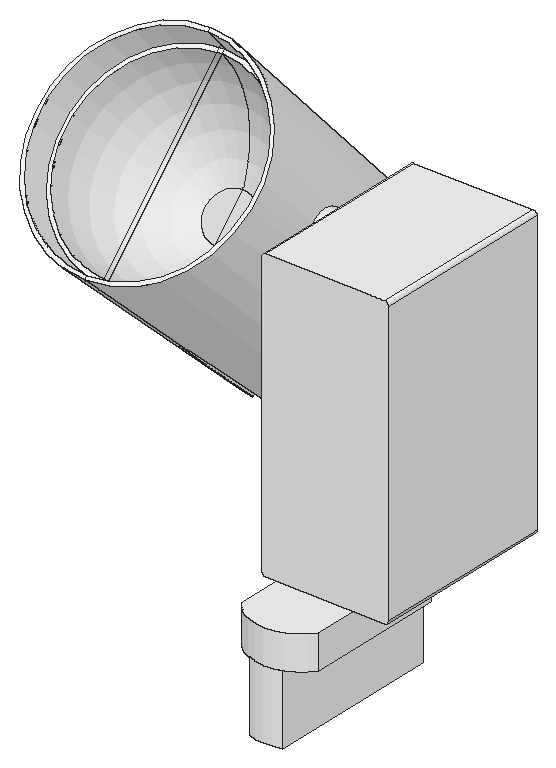
Revit family "0004923 Feilo Sylvania Lighting Fixture START TRACK SPOT S DALI 1262LM 930 MB WHT", category Lighting Fixtures, host Face, Revit 2017 (continued)
Definition of nested family "Start Track Spot Head"
  Types (96, lengths in mm): name | Wattage | built-in parameter 1150134 | Photometric Web File | Model | built-in parameter 1150105 | Lumens | built-in parameter 1150107 | built-in parameter 1150106 | HeadThickness_FEILO | HeadRibOffset_FEILO | HeadRibDepth_FEILO | HeadRibCutWidth_FEILO | HeadRibCutOffset_FEILO | HeadReflectorRadius_FEILO | HeadReflectorOffset_FEILO | HeadLEDRadius_FEILO | HeadHeight_FEILO | HeadDiffusorOffset_FEILO | HeadDiaOut_FEILO | HeadDiaIn_FEILO | HeadAxisFromTop_FEILO | Emit from Circle Diameter | built-in parameter 1150104 | Description | Apparent Load
    0004864 START TRACK SPOT S 24W 3K RA90 WB WHITE | 24 W | (empty or 0) | "0004864.ies" | "START TRACK SPOT S 24W 3K RA90 WB WHITE" | 152.79 (stored number, unit not read) | 1920 lm | 3000 (stored number, unit not read) | 1.5279 (stored number, unit not read) | 1.5 | 4.179 | 55.714 | 7.167 | 50.87 | 50.588 | 55.714 | 9.556 | 117 | 9.435 | 86 | 77.477 | 69.354 | 77.477 | 7.4322 (stored number, unit not read) | "Integrated LED spotlight, Textured White - RAL9016, compact and minimalist design, ideal for retail applications, die-cast aluminium body, passive cooling heatsink. Beam angle: 64°, color temperature: 3000K , total system power: 24W, total fixture output: 1928 lm, LOR: 100%, colour rendering: Ra: 90 typical, LED Chromaticity: 3 step MacAdam ellipse, lifetime: >50000 hours at L70B50, energy class: A++, A+, A, IR/UV free light source without heat radiation, operating voltage: 220-240V / 50-60Hz, drive current: 600mA, electronic driver, non-dimmable, power factor: 0.95, electrical protection: Class II, Global Track 3 Phase adapter suitable for Global trac 3-circuit tracks, ingress protection rating: IP20, suitable for internal environment only, horizontal rotation: 355°, vertical tilt: 90°, dimensions: Ø86x140x200, weight: 0.966kg." | 24 VA
    0004863 START TRACK SPOT S 24W 3K RA90 MB WHITE | 24 W | (empty or 0) | "0004863.ies" | "START TRACK SPOT S 24W 3K RA90 MB WHITE" | 154.7 (stored number, unit not read) | 1944 lm | 3000 (stored number, unit not read) | 1.547 (stored number, unit not read) | 1.5 | 4.179 | 55.714 | 7.167 | 50.87 | 50.588 | 55.714 | 9.556 | 117 | 9.435 | 86 | 77.477 | 69.354 | 77.477 | 7.5251 (stored number, unit not read) | "Integrated LED spotlight, Textured White - RAL9016, compact and minimalist design, ideal for retail applications, die-cast aluminium body, passive cooling heatsink. Beam angle: 36°, color temperature: 3000K , total system power: 24W, total fixture output: 1944 lm, LOR: 100%, colour rendering: Ra: 90 typical, LED Chromaticity: 3 step MacAdam ellipse, lifetime: >50000 hours at L70B50, energy class: A++, A+, A, IR/UV free light source without heat radiation, operating voltage: 220-240V / 50-60Hz, drive current: 600mA, electronic driver, non-dimmable, power factor: 0.95, electrical protection: Class II, Global Track 3 Phase adapter suitable for Global trac 3-circuit tracks, ingress protection rating: IP20, suitable for internal environment only, horizontal rotation: 355°, vertical tilt: 90°, dimensions: Ø86x140x200, weight: 0.966kg." | 24 VA
    0004862 START TRACK SPOT S 24W 3K RA90 NB WHITE | 24 W | (empty or 0) | "0004862.ies" | "START TRACK SPOT S 24W 3K RA90 NB WHITE" | 158.52 (stored number, unit not read) | 1992 lm | 3000 (stored number, unit not read) | 1.5852 (stored number, unit not read) | 1.5 | 4.179 | 55.714 | 7.167 | 50.87 | 50.588 | 55.714 | 9.556 | 117 | 9.435 | 86 | 77.477 | 69.354 | 77.477 | 7.711 (stored number, unit not read) | "Integrated LED spotlight, Textured White - RAL9016, compact and minimalist design, ideal for retail applications, die-cast aluminium body, passive cooling heatsink. Beam angle: 12°, color temperature: 3000K , total system power: 24W, total fixture output: 1987 lm, LOR: 100%, colour rendering: Ra: 90 typical, LED Chromaticity: 3 step MacAdam ellipse, lifetime: >50000 hours at L70B50, energy class: A++, A+, A, IR/UV free light source without heat radiation, operating voltage: 220-240V / 50-60Hz, drive current: 600mA, electronic driver, non-dimmable, power factor: 0.95, electrical protection: Class II, Global Track 3 Phase adapter suitable for Global trac 3-circuit tracks, ingress protection rating: IP20, suitable for internal environment only, horizontal rotation: 355°, vertical tilt: 90°, dimensions: Ø86x140x200, weight: 0.966kg." | 24 VA
    0004861 START TRACK SPOT S 14W 3K RA90 WB WHITE | 14 W | (empty or 0) | "0004861.ies" | "START TRACK SPOT S 14W 3K RA90 WB WHITE" | 100.27 (stored number, unit not read) | 1260 lm | 3000 (stored number, unit not read) | 1.0027 (stored number, unit not read) | 1.5 | 4.179 | 55.714 | 7.167 | 50.87 | 50.588 | 55.714 | 9.556 | 117 | 9.435 | 86 | 77.477 | 69.354 | 77.477 | 8.3613 (stored number, unit not read) | "Integrated LED spotlight, Textured White - RAL9016, compact and minimalist design, ideal for retail applications, die-cast aluminium body, passive cooling heatsink. Beam angle: 64°, color temperature: 3000K , total system power: 14W, total fixture output: 1262 lm, LOR: 100%, colour rendering: Ra: 90 typical, LED Chromaticity: 3 step MacAdam ellipse, lifetime: >50000 hours at L70B50, energy class: A++, A+, A, IR/UV free light source without heat radiation, operating voltage: 220-240V / 50-60Hz, drive current: 350mA, electronic driver, non-dimmable, power factor: 0.92, electrical protection: Class II, Global Track 3 Phase adapter suitable for Global trac 3-circuit tracks, ingress protection rating: IP20, suitable for internal environment only, horizontal rotation: 355°, vertical tilt: 90°, dimensions: Ø86x140x200, weight: 0.940kg." | 14 VA
    0004860 START TRACK SPOT S 14W 3K RA90 MB WHITE | 14 W | (empty or 0) | "0004860.ies" | "START TRACK SPOT S 14W 3K RA90 MB WHITE" | 100.27 (stored number, unit not read) | 1260 lm | 3000 (stored number, unit not read) | 1.0027 (stored number, unit not read) | 1.5 | 4.179 | 55.714 | 7.167 | 50.87 | 50.588 | 55.714 | 9.556 | 117 | 9.435 | 86 | 77.477 | 69.354 | 77.477 | 8.3613 (stored number, unit not read) | "Integrated LED spotlight, Textured White - RAL9016, compact and minimalist design, ideal for retail applications, die-cast aluminium body, passive cooling heatsink. Beam angle: 36°, color temperature: 3000K , total system power: 14W, total fixture output: 1262 lm, LOR: 100%, colour rendering: Ra: 90 typical, LED Chromaticity: 3 step MacAdam ellipse, lifetime: >50000 hours at L70B50, energy class: A++, A+, A, IR/UV free light source without heat radiation, operating voltage: 220-240V / 50-60Hz, drive current: 350mA, electronic driver, non-dimmable, power factor: 0.92, electrical protection: Class II, Global Track 3 Phase adapter suitable for Global trac 3-circuit tracks, ingress protection rating: IP20, suitable for internal environment only, horizontal rotation: 355°, vertical tilt: 90°, dimensions: Ø86x140x200, weight: 0.940kg." | 14 VA
    0004859 START TRACK SPOT S 14W 3K RA90 NB WHITE | 14 W | (empty or 0) | "0004859.ies" | "START TRACK SPOT S 14W 3K RA90 NB WHITE" | 102.5 (stored number, unit not read) | 1288 lm | 3000 (stored number, unit not read) | 1.025 (stored number, unit not read) | 1.5 | 4.179 | 55.714 | 7.167 | 50.87 | 50.588 | 55.714 | 9.556 | 117 | 9.435 | 86 | 77.477 | 69.354 | 77.477 | 8.5471 (stored number, unit not read) | "Integrated LED spotlight, Textured White - RAL9016, compact and minimalist design, ideal for retail applications, die-cast aluminium body, passive cooling heatsink. Beam angle: 12°, color temperature: 3000K , total system power: 14W, total fixture output: 1284 lm, LOR: 100%, colour rendering: Ra: 90 typical, LED Chromaticity: 3 step MacAdam ellipse, lifetime: >50000 hours at L70B50, energy class: A++, A+, A, IR/UV free light source without heat radiation, operating voltage: 220-240V / 50-60Hz, drive current: 350mA, electronic driver, non-dimmable, power factor: 0.92, electrical protection: Class II, Global Track 3 Phase adapter suitable for Global trac 3-circuit tracks, ingress protection rating: IP20, suitable for internal environment only, horizontal rotation: 355°, vertical tilt: 90°, dimensions: Ø86x140x200, weight: 0.940kg." | 14 VA
    0004858 START TRACK SPOT L 55W 4K RA80 WB BLACK | 55 W | 12 | "0004858.ies" | "START TRACK SPOT L 55W 4K RA80 WB BLACK" | 424.55 (stored number, unit not read) | 5335 lm | 4000 (stored number, unit not read) | 4.2455 (stored number, unit not read) | 2 | 4.429 | 59.048 | 9.417 | 53.913 | 66.471 | 59.048 | 12.556 | 124 | 10 | 113 | 101.802 | 73.503 | 101.802 | 9.0116 (stored number, unit not read) | "Integrated LED spotlight, Textured Black - RAL9005, compact and minimalist design, ideal for retail applications, die-cast aluminium body, passive cooling heatsink. Beam angle: 52°, color temperature: 4000K , total system power: 55W, total fixture output: 5320 lm, LOR: 100%, colour rendering: Ra: 80 typical, LED Chromaticity: 3 step MacAdam ellipse, lifetime: >50000 hours at L70B50, energy class: A++, A+, A, IR/UV free light source without heat radiation, operating voltage: 220-240V / 50-60Hz, drive current: 1400mA, electronic driver, non-dimmable, power factor: 0.96, electrical protection: Class II, Global Track 3 Phase adapter suitable for Global trac 3-circuit tracks, ingress protection rating: IP20, suitable for internal environment only, horizontal rotation: 355°, vertical tilt: 90°, dimensions: Ø113x164x240, weight: 1.398kg." | 55 VA
    0004857 START TRACK SPOT L 55W 4K RA80 MB BLACK | 55 W | 12 | "0004857.ies" | "START TRACK SPOT L 55W 4K RA80 MB BLACK" | 428.92 (stored number, unit not read) | 5390 lm | 4000 (stored number, unit not read) | 4.2892 (stored number, unit not read) | 2 | 4.429 | 59.048 | 9.417 | 53.913 | 66.471 | 59.048 | 12.556 | 124 | 10 | 113 | 101.802 | 73.503 | 101.802 | 9.1045 (stored number, unit not read) | "Integrated LED spotlight, Textured Black - RAL9005, compact and minimalist design, ideal for retail applications, die-cast aluminium body, passive cooling heatsink. Beam angle: 38°, color temperature: 4000K , total system power: 55W, total fixture output: 5378 lm, LOR: 100%, colour rendering: Ra: 80 typical, LED Chromaticity: 3 step MacAdam ellipse, lifetime: >50000 hours at L70B50, energy class: A++, A+, A, IR/UV free light source without heat radiation, operating voltage: 220-240V / 50-60Hz, drive current: 1400mA, electronic driver, non-dimmable, power factor: 0.96, electrical protection: Class II, Global Track 3 Phase adapter suitable for Global trac 3-circuit tracks, ingress protection rating: IP20, suitable for internal environment only, horizontal rotation: 355°, vertical tilt: 90°, dimensions: Ø113x164x240, weight: 1.398kg." | 55 VA
    0004856 START TRACK SPOT L 55W 4K RA80 NB BLACK | 55 W | 12 | "0004856.ies" | "START TRACK SPOT L 55W 4K RA80 NB BLACK" | 433.3 (stored number, unit not read) | 5445 lm | 4000 (stored number, unit not read) | 4.333 (stored number, unit not read) | 2 | 4.429 | 59.048 | 9.417 | 53.913 | 66.471 | 59.048 | 12.556 | 124 | 10 | 113 | 101.802 | 73.503 | 101.802 | 9.1974 (stored number, unit not read) | "Integrated LED spotlight, Textured Black - RAL9005, compact and minimalist design, ideal for retail applications, die-cast aluminium body, passive cooling heatsink. Beam angle: 15°, color temperature: 4000K , total system power: 55W, total fixture output: 5426 lm, LOR: 100%, colour rendering: Ra: 80 typical, LED Chromaticity: 3 step MacAdam ellipse, lifetime: >50000 hours at L70B50, energy class: A++, A+, A, IR/UV free light source without heat radiation, operating voltage: 220-240V / 50-60Hz, drive current: 1400mA, electronic driver, non-dimmable, power factor: 0.96, electrical protection: Class II, Global Track 3 Phase adapter suitable for Global trac 3-circuit tracks, ingress protection rating: IP20, suitable for internal environment only, horizontal rotation: 355°, vertical tilt: 90°, dimensions: Ø113x164x240, weight: 1.398kg." | 55 VA
    0004855 START TRACK SPOT L 35W 4K RA80 WB BLACK | 35 W | 12 | "0004855.ies" | "START TRACK SPOT L 35W 4K RA80 WB BLACK" | 320.3 (stored number, unit not read) | 4025 lm | 4000 (stored number, unit not read) | 3.203 (stored number, unit not read) | 2 | 4.429 | 59.048 | 9.417 | 53.913 | 66.471 | 59.048 | 12.556 | 124 | 10 | 113 | 101.802 | 73.503 | 101.802 | 10.684 (stored number, unit not read) | "Integrated LED spotlight, Textured Black - RAL9005, compact and minimalist design, ideal for retail applications, die-cast aluminium body, passive cooling heatsink. Beam angle: 52°, color temperature: 4000K , total system power: 35W, total fixture output: 4010 lm, LOR: 100%, colour rendering: Ra: 80 typical, LED Chromaticity: 3 step MacAdam ellipse, lifetime: >50000 hours at L70B50, energy class: A++, A+, A, IR/UV free light source without heat radiation, operating voltage: 220-240V / 50-60Hz, drive current: 900mA, electronic driver, non-dimmable, power factor: 0.93, electrical protection: Class II, Global Track 3 Phase adapter suitable for Global trac 3-circuit tracks, ingress protection rating: IP20, suitable for internal environment only, horizontal rotation: 355°, vertical tilt: 90°, dimensions: Ø113x164x240, weight: 1.368kg." | 35 VA
    0004854 START TRACK SPOT L 35W 4K RA80 MB BLACK | 35 W | 12 | "0004854.ies" | "START TRACK SPOT L 35W 4K RA80 MB BLACK" | 320.3 (stored number, unit not read) | 4025 lm | 4000 (stored number, unit not read) | 3.203 (stored number, unit not read) | 2 | 4.429 | 59.048 | 9.417 | 53.913 | 66.471 | 59.048 | 12.556 | 124 | 10 | 113 | 101.802 | 73.503 | 101.802 | 10.684 (stored number, unit not read) | "Integrated LED spotlight, Textured Black - RAL9005, compact and minimalist design, ideal for retail applications, die-cast aluminium body, passive cooling heatsink. Beam angle: 38°, color temperature: 4000K , total system power: 35W, total fixture output: 4017 lm, LOR: 100%, colour rendering: Ra: 80 typical, LED Chromaticity: 3 step MacAdam ellipse, lifetime: >50000 hours at L70B50, energy class: A++, A+, A, IR/UV free light source without heat radiation, operating voltage: 220-240V / 50-60Hz, drive current: 900mA, electronic driver, non-dimmable, power factor: 0.93, electrical protection: Class II, Global Track 3 Phase adapter suitable for Global trac 3-circuit tracks, ingress protection rating: IP20, suitable for internal environment only, horizontal rotation: 355°, vertical tilt: 90°, dimensions: Ø113x164x240, weight: 1.368kg." | 35 VA
    0004853 START TRACK SPOT L 35W 4K RA80 NB BLACK | 35 W | 12 | "0004853.ies" | "START TRACK SPOT L 35W 4K RA80 NB BLACK" | 331.44 (stored number, unit not read) | 4165 lm | 4000 (stored number, unit not read) | 3.3144 (stored number, unit not read) | 2 | 4.429 | 59.048 | 9.417 | 53.913 | 66.471 | 59.048 | 12.556 | 124 | 10 | 113 | 101.802 | 73.503 | 101.802 | 11.055 (stored number, unit not read) | "Integrated LED spotlight, Textured Black - RAL9005, compact and minimalist design, ideal for retail applications, die-cast aluminium body, passive cooling heatsink. Beam angle: 15°, color temperature: 4000K , total system power: 35W, total fixture output: 4174 lm, LOR: 100%, colour rendering: Ra: 80 typical, LED Chromaticity: 3 step MacAdam ellipse, lifetime: >50000 hours at L70B50, energy class: A++, A+, A, IR/UV free light source without heat radiation, operating voltage: 220-240V / 50-60Hz, drive current: 900mA, electronic driver, non-dimmable, power factor: 0.93, electrical protection: Class II, Global Track 3 Phase adapter suitable for Global trac 3-circuit tracks, ingress protection rating: IP20, suitable for internal environment only, horizontal rotation: 355°, vertical tilt: 90°, dimensions: Ø113x164x240, weight: 1.368kg." | 35 VA
    0004852 START TRACK SPOT S 24W 4K RA80 WB BLACK | 24 W | 12 | "0004852.ies" | "START TRACK SPOT S 24W 4K RA80 WB BLACK" | 196.72 (stored number, unit not read) | 2472 lm | 4000 (stored number, unit not read) | 1.9672 (stored number, unit not read) | 1.5 | 4.179 | 55.714 | 7.167 | 50.87 | 50.588 | 55.714 | 9.556 | 117 | 9.435 | 86 | 77.477 | 69.354 | 77.477 | 9.569 (stored number, unit not read) | "Integrated LED spotlight, Textured Black - RAL9005, compact and minimalist design, ideal for retail applications, die-cast aluminium body, passive cooling heatsink. Beam angle: 64°, color temperature: 4000K , total system power: 24W, total fixture output: 2476 lm, LOR: 100%, colour rendering: Ra: 80 typical, LED Chromaticity: 3 step MacAdam ellipse, lifetime: >50000 hours at L70B50, energy class: A++, A+, A, IR/UV free light source without heat radiation, operating voltage: 220-240V / 50-60Hz, drive current: 600mA, electronic driver, non-dimmable, power factor: 0.95, electrical protection: Class II, Global Track 3 Phase adapter suitable for Global trac 3-circuit tracks, ingress protection rating: IP20, suitable for internal environment only, horizontal rotation: 355°, vertical tilt: 90°, dimensions: Ø86x140x200, weight: 0.966kg." | 24 VA
    0004851 START TRACK SPOT S 24W 4K RA80 MB BLACK | 24 W | 12 | "0004851.ies" | "START TRACK SPOT S 24W 4K RA80 MB BLACK" | 198.63 (stored number, unit not read) | 2496 lm | 4000 (stored number, unit not read) | 1.9863 (stored number, unit not read) | 1.5 | 4.179 | 55.714 | 7.167 | 50.87 | 50.588 | 55.714 | 9.556 | 117 | 9.435 | 86 | 77.477 | 69.354 | 77.477 | 9.6619 (stored number, unit not read) | "Integrated LED spotlight, Textured Black - RAL9005, compact and minimalist design, ideal for retail applications, die-cast aluminium body, passive cooling heatsink. Beam angle: 36°, color temperature: 4000K , total system power: 24W, total fixture output: 2487 lm, LOR: 100%, colour rendering: Ra: 80 typical, LED Chromaticity: 3 step MacAdam ellipse, lifetime: >50000 hours at L70B50, energy class: A++, A+, A, IR/UV free light source without heat radiation, operating voltage: 220-240V / 50-60Hz, drive current: 600mA, electronic driver, non-dimmable, power factor: 0.95, electrical protection: Class II, Global Track 3 Phase adapter suitable for Global trac 3-circuit tracks, ingress protection rating: IP20, suitable for internal environment only, horizontal rotation: 355°, vertical tilt: 90°, dimensions: Ø86x140x200, weight: 0.966kg." | 24 VA
    0004850 START TRACK SPOT S 24W 4K RA80 NB BLACK | 24 W | 12 | "0004850.ies" | "START TRACK SPOT S 24W 4K RA80 NB BLACK" | 200.54 (stored number, unit not read) | 2520 lm | 4000 (stored number, unit not read) | 2.0054 (stored number, unit not read) | 1.5 | 4.179 | 55.714 | 7.167 | 50.87 | 50.588 | 55.714 | 9.556 | 117 | 9.435 | 86 | 77.477 | 69.354 | 77.477 | 9.7548 (stored number, unit not read) | "Integrated LED spotlight, Textured Black - RAL9005, compact and minimalist design, ideal for retail applications, die-cast aluminium body, passive cooling heatsink. Beam angle: 12°, color temperature: 4000K , total system power: 24W, total fixture output: 2529 lm, LOR: 100%, colour rendering: Ra: 80 typical, LED Chromaticity: 3 step MacAdam ellipse, lifetime: >50000 hours at L70B50, energy class: A++, A+, A, IR/UV free light source without heat radiation, operating voltage: 220-240V / 50-60Hz, drive current: 600mA, electronic driver, non-dimmable, power factor: 0.95, electrical protection: Class II, Global Track 3 Phase adapter suitable for Global trac 3-circuit tracks, ingress protection rating: IP20, suitable for internal environment only, horizontal rotation: 355°, vertical tilt: 90°, dimensions: Ø86x140x200, weight: 0.966kg." | 24 VA
    0004849 START TRACK SPOT S 14W 4K RA80 WB BLACK | 14 W | 12 | "0004849.ies" | "START TRACK SPOT S 14W 4K RA80 WB BLACK" | 123.66 (stored number, unit not read) | 1554 lm | 4000 (stored number, unit not read) | 1.2366 (stored number, unit not read) | 1.5 | 4.179 | 55.714 | 7.167 | 50.87 | 50.588 | 55.714 | 9.556 | 117 | 9.435 | 86 | 77.477 | 69.354 | 77.477 | 10.312 (stored number, unit not read) | "Integrated LED spotlight, Textured Black - RAL9005, compact and minimalist design, ideal for retail applications, die-cast aluminium body, passive cooling heatsink. Beam angle: 64°, color temperature: 4000K , total system power: 14W, total fixture output: 1558 lm, LOR: 100%, colour rendering: Ra: 80 typical, LED Chromaticity: 3 step MacAdam ellipse, lifetime: >50000 hours at L70B50, energy class: A++, A+, A, IR/UV free light source without heat radiation, operating voltage: 220-240V / 50-60Hz, drive current: 350mA, electronic driver, non-dimmable, power factor: 0.92, electrical protection: Class II, Global Track 3 Phase adapter suitable for Global trac 3-circuit tracks, ingress protection rating: IP20, suitable for internal environment only, horizontal rotation: 355°, vertical tilt: 90°, dimensions: Ø86x140x200, weight: 0.940kg." | 14 VA
    0004848 START TRACK SPOT S 14W 4K RA80 MB BLACK | 14 W | 12 | "0004848.ies" | "START TRACK SPOT S 14W 4K RA80 MB BLACK" | 127.01 (stored number, unit not read) | 1596 lm | 4000 (stored number, unit not read) | 1.2701 (stored number, unit not read) | 1.5 | 4.179 | 55.714 | 7.167 | 50.87 | 50.588 | 55.714 | 9.556 | 117 | 9.435 | 86 | 77.477 | 69.354 | 77.477 | 10.591 (stored number, unit not read) | "Integrated LED spotlight, Textured Black - RAL9005, compact and minimalist design, ideal for retail applications, die-cast aluminium body, passive cooling heatsink. Beam angle: 36°, color temperature: 4000K , total system power: 14W, total fixture output: 1598 lm, LOR: 100%, colour rendering: Ra: 80 typical, LED Chromaticity: 3 step MacAdam ellipse, lifetime: >50000 hours at L70B50, energy class: A++, A+, A, IR/UV free light source without heat radiation, operating voltage: 220-240V / 50-60Hz, drive current: 350mA, electronic driver, non-dimmable, power factor: 0.92, electrical protection: Class II, Global Track 3 Phase adapter suitable for Global trac 3-circuit tracks, ingress protection rating: IP20, suitable for internal environment only, horizontal rotation: 355°, vertical tilt: 90°, dimensions: Ø86x140x200, weight: 0.940kg." | 14 VA
    0004847 START TRACK SPOT S 14W 4K RA80 NB BLACK | 14 W | 12 | "0004847.ies" | "START TRACK SPOT S 14W 4K RA80 NB BLACK" | 128.12 (stored number, unit not read) | 1610 lm | 4000 (stored number, unit not read) | 1.2812 (stored number, unit not read) | 1.5 | 4.179 | 55.714 | 7.167 | 50.87 | 50.588 | 55.714 | 9.556 | 117 | 9.435 | 86 | 77.477 | 69.354 | 77.477 | 10.684 (stored number, unit not read) | "Integrated LED spotlight, Textured Black - RAL9005, compact and minimalist design, ideal for retail applications, die-cast aluminium body, passive cooling heatsink. Beam angle: 12°, color temperature: 4000K , total system power: 14W, total fixture output: 1608 lm, LOR: 100%, colour rendering: Ra: 80 typical, LED Chromaticity: 3 step MacAdam ellipse, lifetime: >50000 hours at L70B50, energy class: A++, A+, A, IR/UV free light source without heat radiation, operating voltage: 220-240V / 50-60Hz, drive current: 350mA, electronic driver, non-dimmable, power factor: 0.92, electrical protection: Class II, Global Track 3 Phase adapter suitable for Global trac 3-circuit tracks, ingress protection rating: IP20, suitable for internal environment only, horizontal rotation: 355°, vertical tilt: 90°, dimensions: Ø86x140x200, weight: 0.940kg." | 14 VA
    0004846 START TRACK SPOT L 55W 3K RA80 WB BLACK | 55 W | (empty or 0) | "0004846.ies" | "START TRACK SPOT L 55W 3K RA80 WB BLACK" | 420.17 (stored number, unit not read) | 5280 lm | 3000 (stored number, unit not read) | 4.2017 (stored number, unit not read) | 2 | 4.429 | 59.048 | 9.417 | 53.913 | 66.471 | 59.048 | 12.556 | 124 | 10 | 113 | 101.802 | 73.503 | 101.802 | 8.9187 (stored number, unit not read) | "Integrated LED spotlight, Textured Black - RAL9005, compact and minimalist design, ideal for retail applications, die-cast aluminium body, passive cooling heatsink. Beam angle: 52°, color temperature: 3000K , total system power: 55W, total fixture output: 5298 lm, LOR: 100%, colour rendering: Ra: 80 typical, LED Chromaticity: 3 step MacAdam ellipse, lifetime: >50000 hours at L70B50, energy class: A++, A+, A, IR/UV free light source without heat radiation, operating voltage: 220-240V / 50-60Hz, drive current: 1400mA, electronic driver, non-dimmable, power factor: 0.96, electrical protection: Class II, Global Track 3 Phase adapter suitable for Global trac 3-circuit tracks, ingress protection rating: IP20, suitable for internal environment only, horizontal rotation: 355°, vertical tilt: 90°, dimensions: Ø113x164x240, weight: 1.398kg." | 55 VA
    0004845 START TRACK SPOT L 55W 3K RA80 MB BLACK | 55 W | (empty or 0) | "0004845.ies" | "START TRACK SPOT L 55W 3K RA80 MB BLACK" | 428.92 (stored number, unit not read) | 5390 lm | 3000 (stored number, unit not read) | 4.2892 (stored number, unit not read) | 2 | 4.429 | 59.048 | 9.417 | 53.913 | 66.471 | 59.048 | 12.556 | 124 | 10 | 113 | 101.802 | 73.503 | 101.802 | 9.1045 (stored number, unit not read) | "Integrated LED spotlight, Textured Black - RAL9005, compact and minimalist design, ideal for retail applications, die-cast aluminium body, passive cooling heatsink. Beam angle: 38°, color temperature: 3000K , total system power: 55W, total fixture output: 5381 lm, LOR: 100%, colour rendering: Ra: 80 typical, LED Chromaticity: 3 step MacAdam ellipse, lifetime: >50000 hours at L70B50, energy class: A++, A+, A, IR/UV free light source without heat radiation, operating voltage: 220-240V / 50-60Hz, drive current: 1400mA, electronic driver, non-dimmable, power factor: 0.96, electrical protection: Class II, Global Track 3 Phase adapter suitable for Global trac 3-circuit tracks, ingress protection rating: IP20, suitable for internal environment only, horizontal rotation: 355°, vertical tilt: 90°, dimensions: Ø113x164x240, weight: 1.398kg." | 55 VA
    0004844 START TRACK SPOT L 55W 3K RA80 NB BLACK | 55 W | (empty or 0) | "0004844.ies" | "START TRACK SPOT L 55W 3K RA80 NB BLACK" | 433.3 (stored number, unit not read) | 5445 lm | 3000 (stored number, unit not read) | 4.333 (stored number, unit not read) | 2 | 4.429 | 59.048 | 9.417 | 53.913 | 66.471 | 59.048 | 12.556 | 124 | 10 | 113 | 101.802 | 73.503 | 101.802 | 9.1974 (stored number, unit not read) | "Integrated LED spotlight, Textured Black - RAL9005, compact and minimalist design, ideal for retail applications, die-cast aluminium body, passive cooling heatsink. Beam angle: 15°, color temperature: 3000K , total system power: 55W, total fixture output: 5449 lm, LOR: 100%, colour rendering: Ra: 80 typical, LED Chromaticity: 3 step MacAdam ellipse, lifetime: >50000 hours at L70B50, energy class: A++, A+, A, IR/UV free light source without heat radiation, operating voltage: 220-240V / 50-60Hz, drive current: 1400mA, electronic driver, non-dimmable, power factor: 0.96, electrical protection: Class II, Global Track 3 Phase adapter suitable for Global trac 3-circuit tracks, ingress protection rating: IP20, suitable for internal environment only, horizontal rotation: 355°, vertical tilt: 90°, dimensions: Ø113x164x240, weight: 1.398kg." | 55 VA
    0004843 START TRACK SPOT L 35W 3K RA80 WB BLACK | 35 W | (empty or 0) | "0004843.ies" | "START TRACK SPOT L 35W 3K RA80 WB BLACK" | 314.73 (stored number, unit not read) | 3955 lm | 3000 (stored number, unit not read) | 3.1473 (stored number, unit not read) | 2 | 4.429 | 59.048 | 9.417 | 53.913 | 66.471 | 59.048 | 12.556 | 124 | 10 | 113 | 101.802 | 73.503 | 101.802 | 10.498 (stored number, unit not read) | "Integrated LED spotlight, Textured Black - RAL9005, compact and minimalist design, ideal for retail applications, die-cast aluminium body, passive cooling heatsink. Beam angle: 52°, color temperature: 3000K , total system power: 35W, total fixture output: 3943 lm, LOR: 100%, colour rendering: Ra: 80 typical, LED Chromaticity: 3 step MacAdam ellipse, lifetime: >50000 hours at L70B50, energy class: A++, A+, A, IR/UV free light source without heat radiation, operating voltage: 220-240V / 50-60Hz, drive current: 900mA, electronic driver, non-dimmable, power factor: 0.93, electrical protection: Class II, Global Track 3 Phase adapter suitable for Global trac 3-circuit tracks, ingress protection rating: IP20, suitable for internal environment only, horizontal rotation: 355°, vertical tilt: 90°, dimensions: Ø113x164x240, weight: 1.368kg." | 35 VA
    0004842 START TRACK SPOT L 35W 3K RA80 MB BLACK | 35 W | (empty or 0) | "0004842.ies" | "START TRACK SPOT L 35W 3K RA80 MB BLACK" | 320.3 (stored number, unit not read) | 4025 lm | 3000 (stored number, unit not read) | 3.203 (stored number, unit not read) | 2 | 4.429 | 59.048 | 9.417 | 53.913 | 66.471 | 59.048 | 12.556 | 124 | 10 | 113 | 101.802 | 73.503 | 101.802 | 10.684 (stored number, unit not read) | "Integrated LED spotlight, Textured Black - RAL9005, compact and minimalist design, ideal for retail applications, die-cast aluminium body, passive cooling heatsink. Beam angle: 38°, color temperature: 3000K , total system power: 35W, total fixture output: 4008 lm, LOR: 100%, colour rendering: Ra: 80 typical, LED Chromaticity: 3 step MacAdam ellipse, lifetime: >50000 hours at L70B50, energy class: A++, A+, A, IR/UV free light source without heat radiation, operating voltage: 220-240V / 50-60Hz, drive current: 900mA, electronic driver, non-dimmable, power factor: 0.93, electrical protection: Class II, Global Track 3 Phase adapter suitable for Global trac 3-circuit tracks, ingress protection rating: IP20, suitable for internal environment only, horizontal rotation: 355°, vertical tilt: 90°, dimensions: Ø113x164x240, weight: 1.368kg." | 35 VA
    0004841 START TRACK SPOT L 35W 3K RA80 NB BLACK | 35 W | (empty or 0) | "0004841.ies" | "START TRACK SPOT L 35W 3K RA80 NB BLACK" | 317.51 (stored number, unit not read) | 3990 lm | 3000 (stored number, unit not read) | 3.1751 (stored number, unit not read) | 2 | 4.429 | 59.048 | 9.417 | 53.913 | 66.471 | 59.048 | 12.556 | 124 | 10 | 113 | 101.802 | 73.503 | 101.802 | 10.591 (stored number, unit not read) | "Integrated LED spotlight, Textured Black - RAL9005, compact and minimalist design, ideal for retail applications, die-cast aluminium body, passive cooling heatsink. Beam angle: 15°, color temperature: 3000K , total system power: 35W, total fixture output: 4005 lm, LOR: 100%, colour rendering: Ra: 80 typical, LED Chromaticity: 3 step MacAdam ellipse, lifetime: >50000 hours at L70B50, energy class: A++, A+, A, IR/UV free light source without heat radiation, operating voltage: 220-240V / 50-60Hz, drive current: 900mA, electronic driver, non-dimmable, power factor: 0.93, electrical protection: Class II, Global Track 3 Phase adapter suitable for Global trac 3-circuit tracks, ingress protection rating: IP20, suitable for internal environment only, horizontal rotation: 355°, vertical tilt: 90°, dimensions: Ø113x164x240, weight: 1.368kg." | 35 VA
    0004840 START TRACK SPOT S 24W 3K RA80 WB BLACK | 24 W | (empty or 0) | "0004840.ies" | "START TRACK SPOT S 24W 3K RA80 WB BLACK" | 185.26 (stored number, unit not read) | 2328 lm | 3000 (stored number, unit not read) | 1.8526 (stored number, unit not read) | 1.5 | 4.179 | 55.714 | 7.167 | 50.87 | 50.588 | 55.714 | 9.556 | 117 | 9.435 | 86 | 77.477 | 69.354 | 77.477 | 9.0116 (stored number, unit not read) | "Integrated LED spotlight, Textured Black - RAL9005, compact and minimalist design, ideal for retail applications, die-cast aluminium body, passive cooling heatsink. Beam angle: 64°, color temperature: 3000K , total system power: 24W, total fixture output: 2318 lm, LOR: 100%, colour rendering: Ra: 80 typical, LED Chromaticity: 3 step MacAdam ellipse, lifetime: >50000 hours at L70B50, energy class: A++, A+, A, IR/UV free light source without heat radiation, operating voltage: 220-240V / 50-60Hz, drive current: 600mA, electronic driver, non-dimmable, power factor: 0.95, electrical protection: Class II, Global Track 3 Phase adapter suitable for Global trac 3-circuit tracks, ingress protection rating: IP20, suitable for internal environment only, horizontal rotation: 355°, vertical tilt: 90°, dimensions: Ø86x140x200, weight: 0.966kg." | 24 VA
    0004839 START TRACK SPOT S 24W 3K RA80 MB BLACK | 24 W | (empty or 0) | "0004839.ies" | "START TRACK SPOT S 24W 3K RA80 MB BLACK" | 183.35 (stored number, unit not read) | 2304 lm | 3000 (stored number, unit not read) | 1.8335 (stored number, unit not read) | 1.5 | 4.179 | 55.714 | 7.167 | 50.87 | 50.588 | 55.714 | 9.556 | 117 | 9.435 | 86 | 77.477 | 69.354 | 77.477 | 8.9187 (stored number, unit not read) | "Integrated LED spotlight, Textured Black - RAL9005, compact and minimalist design, ideal for retail applications, die-cast aluminium body, passive cooling heatsink. Beam angle: 36°, color temperature: 3000K , total system power: 24W, total fixture output: 2314 lm, LOR: 100%, colour rendering: Ra: 80 typical, LED Chromaticity: 3 step MacAdam ellipse, lifetime: >50000 hours at L70B50, energy class: A++, A+, A, IR/UV free light source without heat radiation, operating voltage: 220-240V / 50-60Hz, drive current: 600mA, electronic driver, non-dimmable, power factor: 0.95, electrical protection: Class II, Global Track 3 Phase adapter suitable for Global trac 3-circuit tracks, ingress protection rating: IP20, suitable for internal environment only, horizontal rotation: 355°, vertical tilt: 90°, dimensions: Ø86x140x200, weight: 0.966kg." | 24 VA
    0004838 START TRACK SPOT S 24W 3K RA80 NB BLACK | 24 W | (empty or 0) | "0004838.ies" | "START TRACK SPOT S 24W 3K RA80 NB BLACK" | 185.26 (stored number, unit not read) | 2328 lm | 3000 (stored number, unit not read) | 1.8526 (stored number, unit not read) | 1.5 | 4.179 | 55.714 | 7.167 | 50.87 | 50.588 | 55.714 | 9.556 | 117 | 9.435 | 86 | 77.477 | 69.354 | 77.477 | 9.0116 (stored number, unit not read) | "Integrated LED spotlight, Textured Black - RAL9005, compact and minimalist design, ideal for retail applications, die-cast aluminium body, passive cooling heatsink. Beam angle: 12°, color temperature: 3000K , total system power: 24W, total fixture output: 2334 lm, LOR: 100%, colour rendering: Ra: 80 typical, LED Chromaticity: 3 step MacAdam ellipse, lifetime: >50000 hours at L70B50, energy class: A++, A+, A, IR/UV free light source without heat radiation, operating voltage: 220-240V / 50-60Hz, drive current: 600mA, electronic driver, non-dimmable, power factor: 0.95, electrical protection: Class II, Global Track 3 Phase adapter suitable for Global trac 3-circuit tracks, ingress protection rating: IP20, suitable for internal environment only, horizontal rotation: 355°, vertical tilt: 90°, dimensions: Ø86x140x200, weight: 0.966kg." | 24 VA
    0004837 START TRACK SPOT S 14W 3K RA80 WB BLACK | 14 W | (empty or 0) | "0004837.ies" | "START TRACK SPOT S 14W 3K RA80 WB BLACK" | 119.21 (stored number, unit not read) | 1498 lm | 3000 (stored number, unit not read) | 1.1921 (stored number, unit not read) | 1.5 | 4.179 | 55.714 | 7.167 | 50.87 | 50.588 | 55.714 | 9.556 | 117 | 9.435 | 86 | 77.477 | 69.354 | 77.477 | 9.9406 (stored number, unit not read) | "Integrated LED spotlight, Textured Black - RAL9005, compact and minimalist design, ideal for retail applications, die-cast aluminium body, passive cooling heatsink. Beam angle: 64°, color temperature: 3000K , total system power: 14W, total fixture output: 1498 lm, LOR: 100%, colour rendering: Ra: 80 typical, LED Chromaticity: 3 step MacAdam ellipse, lifetime: >50000 hours at L70B50, energy class: A++, A+, A, IR/UV free light source without heat radiation, operating voltage: 220-240V / 50-60Hz, drive current: 350mA, electronic driver, non-dimmable, power factor: 0.92, electrical protection: Class II, Global Track 3 Phase adapter suitable for Global trac 3-circuit tracks, ingress protection rating: IP20, suitable for internal environment only, horizontal rotation: 355°, vertical tilt: 90°, dimensions: Ø86x140x200, weight: 0.940kg." | 14 VA
    0004836 START TRACK SPOT S 14W 3K RA80 MB BLACK | 14 W | (empty or 0) | "0004836.ies" | "START TRACK SPOT S 14W 3K RA80 MB BLACK" | 120.32 (stored number, unit not read) | 1512 lm | 3000 (stored number, unit not read) | 1.2032 (stored number, unit not read) | 1.5 | 4.179 | 55.714 | 7.167 | 50.87 | 50.588 | 55.714 | 9.556 | 117 | 9.435 | 86 | 77.477 | 69.354 | 77.477 | 10.034 (stored number, unit not read) | "Integrated LED spotlight, Textured Black - RAL9005, compact and minimalist design, ideal for retail applications, die-cast aluminium body, passive cooling heatsink. Beam angle: 36°, color temperature: 3000K , total system power: 14W, total fixture output: 1508 lm, LOR: 100%, colour rendering: Ra: 80 typical, LED Chromaticity: 3 step MacAdam ellipse, lifetime: >50000 hours at L70B50, energy class: A++, A+, A, IR/UV free light source without heat radiation, operating voltage: 220-240V / 50-60Hz, drive current: 350mA, electronic driver, non-dimmable, power factor: 0.92, electrical protection: Class II, Global Track 3 Phase adapter suitable for Global trac 3-circuit tracks, ingress protection rating: IP20, suitable for internal environment only, horizontal rotation: 355°, vertical tilt: 90°, dimensions: Ø86x140x200, weight: 0.940kg." | 14 VA
    0004835 START TRACK SPOT S 14W 3K RA80 NB BLACK | 14 W | (empty or 0) | "0004835.ies" | "START TRACK SPOT S 14W 3K RA80 NB BLACK" | 123.66 (stored number, unit not read) | 1554 lm | 3000 (stored number, unit not read) | 1.2366 (stored number, unit not read) | 1.5 | 4.179 | 55.714 | 7.167 | 50.87 | 50.588 | 55.714 | 9.556 | 117 | 9.435 | 86 | 77.477 | 69.354 | 77.477 | 10.312 (stored number, unit not read) | "Integrated LED spotlight, Textured Black - RAL9005, compact and minimalist design, ideal for retail applications, die-cast aluminium body, passive cooling heatsink. Beam angle: 12°, color temperature: 3000K , total system power: 14W, total fixture output: 1551 lm, LOR: 100%, colour rendering: Ra: 80 typical, LED Chromaticity: 3 step MacAdam ellipse, lifetime: >50000 hours at L70B50, energy class: A++, A+, A, IR/UV free light source without heat radiation, operating voltage: 220-240V / 50-60Hz, drive current: 350mA, electronic driver, non-dimmable, power factor: 0.92, electrical protection: Class II, Global Track 3 Phase adapter suitable for Global trac 3-circuit tracks, ingress protection rating: IP20, suitable for internal environment only, horizontal rotation: 355°, vertical tilt: 90°, dimensions: Ø86x140x200, weight: 0.940kg." | 14 VA
    0004834 START TRACK SPOT L 55W 4K RA80 WB WHITE | 55 W | 12 | "0004834.ies" | "START TRACK SPOT L 55W 4K RA80 WB WHITE" | 424.55 (stored number, unit not read) | 5335 lm | 4000 (stored number, unit not read) | 4.2455 (stored number, unit not read) | 2 | 4.429 | 59.048 | 9.417 | 53.913 | 66.471 | 59.048 | 12.556 | 124 | 10 | 113 | 101.802 | 73.503 | 101.802 | 9.0116 (stored number, unit not read) | "Integrated LED spotlight, Textured White - RAL9016, compact and minimalist design, ideal for retail applications, die-cast aluminium body, passive cooling heatsink. Beam angle: 52°, color temperature: 4000K , total system power: 55W, total fixture output: 5320 lm, LOR: 100%, colour rendering: Ra: 80 typical, LED Chromaticity: 3 step MacAdam ellipse, lifetime: >50000 hours at L70B50, energy class: A++, A+, A, IR/UV free light source without heat radiation, operating voltage: 220-240V / 50-60Hz, drive current: 1400mA, electronic driver, non-dimmable, power factor: 0.96, electrical protection: Class II, Global Track 3 Phase adapter suitable for Global trac 3-circuit tracks, ingress protection rating: IP20, suitable for internal environment only, horizontal rotation: 355°, vertical tilt: 90°, dimensions: Ø113x164x240, weight: 1.398kg." | 55 VA
    0004833 START TRACK SPOT L 55W 4K RA80 MB WHITE | 55 W | 12 | "0004833.ies" | "START TRACK SPOT L 55W 4K RA80 MB WHITE" | 428.92 (stored number, unit not read) | 5390 lm | 4000 (stored number, unit not read) | 4.2892 (stored number, unit not read) | 2 | 4.429 | 59.048 | 9.417 | 53.913 | 66.471 | 59.048 | 12.556 | 124 | 10 | 113 | 101.802 | 73.503 | 101.802 | 9.1045 (stored number, unit not read) | "Integrated LED spotlight, Textured White - RAL9016, compact and minimalist design, ideal for retail applications, die-cast aluminium body, passive cooling heatsink. Beam angle: 38°, color temperature: 4000K , total system power: 55W, total fixture output: 5378 lm, LOR: 100%, colour rendering: Ra: 80 typical, LED Chromaticity: 3 step MacAdam ellipse, lifetime: >50000 hours at L70B50, energy class: A++, A+, A, IR/UV free light source without heat radiation, operating voltage: 220-240V / 50-60Hz, drive current: 1400mA, electronic driver, non-dimmable, power factor: 0.96, electrical protection: Class II, Global Track 3 Phase adapter suitable for Global trac 3-circuit tracks, ingress protection rating: IP20, suitable for internal environment only, horizontal rotation: 355°, vertical tilt: 90°, dimensions: Ø113x164x240, weight: 1.398kg." | 55 VA
    0004832 START TRACK SPOT L 55W 4K RA80 NB WHITE | 55 W | 12 | "0004832.ies" | "START TRACK SPOT L 55W 4K RA80 NB WHITE" | 433.3 (stored number, unit not read) | 5445 lm | 4000 (stored number, unit not read) | 4.333 (stored number, unit not read) | 2 | 4.429 | 59.048 | 9.417 | 53.913 | 66.471 | 59.048 | 12.556 | 124 | 10 | 113 | 101.802 | 73.503 | 101.802 | 9.1974 (stored number, unit not read) | "Integrated LED spotlight, Textured White - RAL9016, compact and minimalist design, ideal for retail applications, die-cast aluminium body, passive cooling heatsink. Beam angle: 15°, color temperature: 4000K , total system power: 55W, total fixture output: 5426 lm, LOR: 100%, colour rendering: Ra: 80 typical, LED Chromaticity: 3 step MacAdam ellipse, lifetime: >50000 hours at L70B50, energy class: A++, A+, A, IR/UV free light source without heat radiation, operating voltage: 220-240V / 50-60Hz, drive current: 1400mA, electronic driver, non-dimmable, power factor: 0.96, electrical protection: Class II, Global Track 3 Phase adapter suitable for Global trac 3-circuit tracks, ingress protection rating: IP20, suitable for internal environment only, horizontal rotation: 355°, vertical tilt: 90°, dimensions: Ø113x164x240, weight: 1.398kg." | 55 VA
    0004831 START TRACK SPOT L 35W 4K RA80 WB WHITE | 35 W | 12 | "0004831.ies" | "START TRACK SPOT L 35W 4K RA80 WB WHITE" | 320.3 (stored number, unit not read) | 4025 lm | 4000 (stored number, unit not read) | 3.203 (stored number, unit not read) | 2 | 4.429 | 59.048 | 9.417 | 53.913 | 66.471 | 59.048 | 12.556 | 124 | 10 | 113 | 101.802 | 73.503 | 101.802 | 10.684 (stored number, unit not read) | "Integrated LED spotlight, Textured White - RAL9016, compact and minimalist design, ideal for retail applications, die-cast aluminium body, passive cooling heatsink. Beam angle: 52°, color temperature: 4000K , total system power: 35W, total fixture output: 4010 lm, LOR: 100%, colour rendering: Ra: 80 typical, LED Chromaticity: 3 step MacAdam ellipse, lifetime: >50000 hours at L70B50, energy class: A++, A+, A, IR/UV free light source without heat radiation, operating voltage: 220-240V / 50-60Hz, drive current: 900mA, electronic driver, non-dimmable, power factor: 0.93, electrical protection: Class II, Global Track 3 Phase adapter suitable for Global trac 3-circuit tracks, ingress protection rating: IP20, suitable for internal environment only, horizontal rotation: 355°, vertical tilt: 90°, dimensions: Ø113x164x240, weight: 1.368kg." | 35 VA
    0004830 START TRACK SPOT L 35W 4K RA80 MB WHITE | 35 W | 12 | "0004830.ies" | "START TRACK SPOT L 35W 4K RA80 MB WHITE" | 320.3 (stored number, unit not read) | 4025 lm | 4000 (stored number, unit not read) | 3.203 (stored number, unit not read) | 2 | 4.429 | 59.048 | 9.417 | 53.913 | 66.471 | 59.048 | 12.556 | 124 | 10 | 113 | 101.802 | 73.503 | 101.802 | 10.684 (stored number, unit not read) | "Integrated LED spotlight, Textured White - RAL9016, compact and minimalist design, ideal for retail applications, die-cast aluminium body, passive cooling heatsink. Beam angle: 38°, color temperature: 4000K , total system power: 35W, total fixture output: 4017 lm, LOR: 100%, colour rendering: Ra: 80 typical, LED Chromaticity: 3 step MacAdam ellipse, lifetime: >50000 hours at L70B50, energy class: A++, A+, A, IR/UV free light source without heat radiation, operating voltage: 220-240V / 50-60Hz, drive current: 900mA, electronic driver, non-dimmable, power factor: 0.93, electrical protection: Class II, Global Track 3 Phase adapter suitable for Global trac 3-circuit tracks, ingress protection rating: IP20, suitable for internal environment only, horizontal rotation: 355°, vertical tilt: 90°, dimensions: Ø113x164x240, weight: 1.368kg." | 35 VA
    0004829 START TRACK SPOT L 35W 4K RA80 NB WHITE | 35 W | 12 | "0004829.ies" | "START TRACK SPOT L 35W 4K RA80 NB WHITE" | 331.44 (stored number, unit not read) | 4165 lm | 4000 (stored number, unit not read) | 3.3144 (stored number, unit not read) | 2 | 4.429 | 59.048 | 9.417 | 53.913 | 66.471 | 59.048 | 12.556 | 124 | 10 | 113 | 101.802 | 73.503 | 101.802 | 11.055 (stored number, unit not read) | "Integrated LED spotlight, Textured White - RAL9016, compact and minimalist design, ideal for retail applications, die-cast aluminium body, passive cooling heatsink. Beam angle: 15°, color temperature: 4000K , total system power: 35W, total fixture output: 4174 lm, LOR: 100%, colour rendering: Ra: 80 typical, LED Chromaticity: 3 step MacAdam ellipse, lifetime: >50000 hours at L70B50, energy class: A++, A+, A, IR/UV free light source without heat radiation, operating voltage: 220-240V / 50-60Hz, drive current: 900mA, electronic driver, non-dimmable, power factor: 0.93, electrical protection: Class II, Global Track 3 Phase adapter suitable for Global trac 3-circuit tracks, ingress protection rating: IP20, suitable for internal environment only, horizontal rotation: 355°, vertical tilt: 90°, dimensions: Ø113x164x240, weight: 1.368kg." | 35 VA
    0004828 START TRACK SPOT S 24W 4K RA80 WB WHITE | 24 W | 12 | "0004828.ies" | "START TRACK SPOT S 24W 4K RA80 WB WHITE" | 196.72 (stored number, unit not read) | 2472 lm | 4000 (stored number, unit not read) | 1.9672 (stored number, unit not read) | 1.5 | 4.179 | 55.714 | 7.167 | 50.87 | 50.588 | 55.714 | 9.556 | 117 | 9.435 | 86 | 77.477 | 69.354 | 77.477 | 9.569 (stored number, unit not read) | "Integrated LED spotlight, Textured White - RAL9016, compact and minimalist design, ideal for retail applications, die-cast aluminium body, passive cooling heatsink. Beam angle: 64°, color temperature: 4000K , total system power: 24W, total fixture output: 2476 lm, LOR: 100%, colour rendering: Ra: 80 typical, LED Chromaticity: 3 step MacAdam ellipse, lifetime: >50000 hours at L70B50, energy class: A++, A+, A, IR/UV free light source without heat radiation, operating voltage: 220-240V / 50-60Hz, drive current: 600mA, electronic driver, non-dimmable, power factor: 0.95, electrical protection: Class II, Global Track 3 Phase adapter suitable for Global trac 3-circuit tracks, ingress protection rating: IP20, suitable for internal environment only, horizontal rotation: 355°, vertical tilt: 90°, dimensions: Ø86x140x200, weight: 0.966kg." | 24 VA
    0004827 START TRACK SPOT S 24W 4K RA80 MB WHITE | 24 W | 12 | "0004827.ies" | "START TRACK SPOT S 24W 4K RA80 MB WHITE" | 198.63 (stored number, unit not read) | 2496 lm | 4000 (stored number, unit not read) | 1.9863 (stored number, unit not read) | 1.5 | 4.179 | 55.714 | 7.167 | 50.87 | 50.588 | 55.714 | 9.556 | 117 | 9.435 | 86 | 77.477 | 69.354 | 77.477 | 9.6619 (stored number, unit not read) | "Integrated LED spotlight, Textured White - RAL9016, compact and minimalist design, ideal for retail applications, die-cast aluminium body, passive cooling heatsink. Beam angle: 36°, color temperature: 4000K , total system power: 24W, total fixture output: 2487 lm, LOR: 100%, colour rendering: Ra: 80 typical, LED Chromaticity: 3 step MacAdam ellipse, lifetime: >50000 hours at L70B50, energy class: A++, A+, A, IR/UV free light source without heat radiation, operating voltage: 220-240V / 50-60Hz, drive current: 600mA, electronic driver, non-dimmable, power factor: 0.95, electrical protection: Class II, Global Track 3 Phase adapter suitable for Global trac 3-circuit tracks, ingress protection rating: IP20, suitable for internal environment only, horizontal rotation: 355°, vertical tilt: 90°, dimensions: Ø86x140x200, weight: 0.966kg." | 24 VA
    0004826 START TRACK SPOT S 24W 4K RA80 NB WHITE | 24 W | 12 | "0004826.ies" | "START TRACK SPOT S 24W 4K RA80 NB WHITE" | 200.54 (stored number, unit not read) | 2520 lm | 4000 (stored number, unit not read) | 2.0054 (stored number, unit not read) | 1.5 | 4.179 | 55.714 | 7.167 | 50.87 | 50.588 | 55.714 | 9.556 | 117 | 9.435 | 86 | 77.477 | 69.354 | 77.477 | 9.7548 (stored number, unit not read) | "Integrated LED spotlight, Textured White - RAL9016, compact and minimalist design, ideal for retail applications, die-cast aluminium body, passive cooling heatsink. Beam angle: 12°, color temperature: 4000K , total system power: 24W, total fixture output: 2529 lm, LOR: 100%, colour rendering: Ra: 80 typical, LED Chromaticity: 3 step MacAdam ellipse, lifetime: >50000 hours at L70B50, energy class: A++, A+, A, IR/UV free light source without heat radiation, operating voltage: 220-240V / 50-60Hz, drive current: 600mA, electronic driver, non-dimmable, power factor: 0.95, electrical protection: Class II, Global Track 3 Phase adapter suitable for Global trac 3-circuit tracks, ingress protection rating: IP20, suitable for internal environment only, horizontal rotation: 355°, vertical tilt: 90°, dimensions: Ø86x140x200, weight: 0.966kg." | 24 VA
    0004825 START TRACK SPOT S 14W 4K RA80 WB WHITE | 14 W | 12 | "0004825.ies" | "START TRACK SPOT S 14W 4K RA80 WB WHITE" | 123.66 (stored number, unit not read) | 1554 lm | 4000 (stored number, unit not read) | 1.2366 (stored number, unit not read) | 1.5 | 4.179 | 55.714 | 7.167 | 50.87 | 50.588 | 55.714 | 9.556 | 117 | 9.435 | 86 | 77.477 | 69.354 | 77.477 | 10.312 (stored number, unit not read) | "Integrated LED spotlight, Textured White - RAL9016, compact and minimalist design, ideal for retail applications, die-cast aluminium body, passive cooling heatsink. Beam angle: 64°, color temperature: 4000K , total system power: 14W, total fixture output: 1558 lm, LOR: 100%, colour rendering: Ra: 80 typical, LED Chromaticity: 3 step MacAdam ellipse, lifetime: >50000 hours at L70B50, energy class: A++, A+, A, IR/UV free light source without heat radiation, operating voltage: 220-240V / 50-60Hz, drive current: 350mA, electronic driver, non-dimmable, power factor: 0.92, electrical protection: Class II, Global Track 3 Phase adapter suitable for Global trac 3-circuit tracks, ingress protection rating: IP20, suitable for internal environment only, horizontal rotation: 355°, vertical tilt: 90°, dimensions: Ø86x140x200, weight: 0.940kg." | 14 VA
    0004824 START TRACK SPOT S 14W 4K RA80 MB WHITE | 14 W | 12 | "0004824.ies" | "START TRACK SPOT S 14W 4K RA80 MB WHITE" | 127.01 (stored number, unit not read) | 1596 lm | 4000 (stored number, unit not read) | 1.2701 (stored number, unit not read) | 1.5 | 4.179 | 55.714 | 7.167 | 50.87 | 50.588 | 55.714 | 9.556 | 117 | 9.435 | 86 | 77.477 | 69.354 | 77.477 | 10.591 (stored number, unit not read) | "Integrated LED spotlight, Textured White - RAL9016, compact and minimalist design, ideal for retail applications, die-cast aluminium body, passive cooling heatsink. Beam angle: 36°, color temperature: 4000K , total system power: 14W, total fixture output: 1598 lm, LOR: 100%, colour rendering: Ra: 80 typical, LED Chromaticity: 3 step MacAdam ellipse, lifetime: >50000 hours at L70B50, energy class: A++, A+, A, IR/UV free light source without heat radiation, operating voltage: 220-240V / 50-60Hz, drive current: 350mA, electronic driver, non-dimmable, power factor: 0.92, electrical protection: Class II, Global Track 3 Phase adapter suitable for Global trac 3-circuit tracks, ingress protection rating: IP20, suitable for internal environment only, horizontal rotation: 355°, vertical tilt: 90°, dimensions: Ø86x140x200, weight: 0.940kg." | 14 VA
    0004823 START TRACK SPOT S 14W 4K RA80 NB WHITE | 14 W | 12 | "0004823.ies" | "START TRACK SPOT S 14W 4K RA80 NB WHITE" | 128.12 (stored number, unit not read) | 1610 lm | 4000 (stored number, unit not read) | 1.2812 (stored number, unit not read) | 1.5 | 4.179 | 55.714 | 7.167 | 50.87 | 50.588 | 55.714 | 9.556 | 117 | 9.435 | 86 | 77.477 | 69.354 | 77.477 | 10.684 (stored number, unit not read) | "Integrated LED spotlight, Textured White - RAL9016, compact and minimalist design, ideal for retail applications, die-cast aluminium body, passive cooling heatsink. Beam angle: 12°, color temperature: 4000K , total system power: 14W, total fixture output: 1608 lm, LOR: 100%, colour rendering: Ra: 80 typical, LED Chromaticity: 3 step MacAdam ellipse, lifetime: >50000 hours at L70B50, energy class: A++, A+, A, IR/UV free light source without heat radiation, operating voltage: 220-240V / 50-60Hz, drive current: 350mA, electronic driver, non-dimmable, power factor: 0.92, electrical protection: Class II, Global Track 3 Phase adapter suitable for Global trac 3-circuit tracks, ingress protection rating: IP20, suitable for internal environment only, horizontal rotation: 355°, vertical tilt: 90°, dimensions: Ø86x140x200, weight: 0.940kg." | 14 VA
    0004822 START TRACK SPOT L 55W 3K RA80 WB WHITE | 55 W | (empty or 0) | "0004822.ies" | "START TRACK SPOT L 55W 3K RA80 WB WHITE" | 420.17 (stored number, unit not read) | 5280 lm | 3000 (stored number, unit not read) | 4.2017 (stored number, unit not read) | 2 | 4.429 | 59.048 | 9.417 | 53.913 | 66.471 | 59.048 | 12.556 | 124 | 10 | 113 | 101.802 | 73.503 | 101.802 | 8.9187 (stored number, unit not read) | "Integrated LED spotlight, Textured White - RAL9016, compact and minimalist design, ideal for retail applications, die-cast aluminium body, passive cooling heatsink. Beam angle: 52°, color temperature: 3000K , total system power: 55W, total fixture output: 5298 lm, LOR: 100%, colour rendering: Ra: 80 typical, LED Chromaticity: 3 step MacAdam ellipse, lifetime: >50000 hours at L70B50, energy class: A++, A+, A, IR/UV free light source without heat radiation, operating voltage: 220-240V / 50-60Hz, drive current: 1400mA, electronic driver, non-dimmable, power factor: 0.96, electrical protection: Class II, Global Track 3 Phase adapter suitable for Global trac 3-circuit tracks, ingress protection rating: IP20, suitable for internal environment only, horizontal rotation: 355°, vertical tilt: 90°, dimensions: Ø113x164x240, weight: 1.398kg." | 55 VA
    0004821 START TRACK SPOT L 55W 3K RA80 MB WHITE | 55 W | (empty or 0) | "0004821.ies" | "START TRACK SPOT L 55W 3K RA80 MB WHITE" | 428.92 (stored number, unit not read) | 5390 lm | 3000 (stored number, unit not read) | 4.2892 (stored number, unit not read) | 2 | 4.429 | 59.048 | 9.417 | 53.913 | 66.471 | 59.048 | 12.556 | 124 | 10 | 113 | 101.802 | 73.503 | 101.802 | 9.1045 (stored number, unit not read) | "Integrated LED spotlight, Textured White - RAL9016, compact and minimalist design, ideal for retail applications, die-cast aluminium body, passive cooling heatsink. Beam angle: 38°, color temperature: 3000K , total system power: 55W, total fixture output: 5381 lm, LOR: 100%, colour rendering: Ra: 80 typical, LED Chromaticity: 3 step MacAdam ellipse, lifetime: >50000 hours at L70B50, energy class: A++, A+, A, IR/UV free light source without heat radiation, operating voltage: 220-240V / 50-60Hz, drive current: 1400mA, electronic driver, non-dimmable, power factor: 0.96, electrical protection: Class II, Global Track 3 Phase adapter suitable for Global trac 3-circuit tracks, ingress protection rating: IP20, suitable for internal environment only, horizontal rotation: 355°, vertical tilt: 90°, dimensions: Ø113x164x240, weight: 1.398kg." | 55 VA
    0004820 START TRACK SPOT L 55W 3K RA80 NB WHITE | 55 W | (empty or 0) | "0004820.ies" | "START TRACK SPOT L 55W 3K RA80 NB WHITE" | 433.3 (stored number, unit not read) | 5445 lm | 3000 (stored number, unit not read) | 4.333 (stored number, unit not read) | 2 | 4.429 | 59.048 | 9.417 | 53.913 | 66.471 | 59.048 | 12.556 | 124 | 10 | 113 | 101.802 | 73.503 | 101.802 | 9.1974 (stored number, unit not read) | "Integrated LED spotlight, Textured White - RAL9016, compact and minimalist design, ideal for retail applications, die-cast aluminium body, passive cooling heatsink. Beam angle: 15°, color temperature: 3000K , total system power: 55W, total fixture output: 5449 lm, LOR: 100%, colour rendering: Ra: 80 typical, LED Chromaticity: 3 step MacAdam ellipse, lifetime: >50000 hours at L70B50, energy class: A++, A+, A, IR/UV free light source without heat radiation, operating voltage: 220-240V / 50-60Hz, drive current: 1400mA, electronic driver, non-dimmable, power factor: 0.96, electrical protection: Class II, Global Track 3 Phase adapter suitable for Global trac 3-circuit tracks, ingress protection rating: IP20, suitable for internal environment only, horizontal rotation: 355°, vertical tilt: 90°, dimensions: Ø113x164x240, weight: 1.398kg." | 55 VA
    0004819 START TRACK SPOT L 35W 3K RA80 WB WHITE | 35 W | (empty or 0) | "0004819.ies" | "START TRACK SPOT L 35W 3K RA80 WB WHITE" | 314.73 (stored number, unit not read) | 3955 lm | 3000 (stored number, unit not read) | 3.1473 (stored number, unit not read) | 2 | 4.429 | 59.048 | 9.417 | 53.913 | 66.471 | 59.048 | 12.556 | 124 | 10 | 113 | 101.802 | 73.503 | 101.802 | 10.498 (stored number, unit not read) | "Integrated LED spotlight, Textured White - RAL9016, compact and minimalist design, ideal for retail applications, die-cast aluminium body, passive cooling heatsink. Beam angle: 52°, color temperature: 3000K , total system power: 35W, total fixture output: 3943 lm, LOR: 100%, colour rendering: Ra: 80 typical, LED Chromaticity: 3 step MacAdam ellipse, lifetime: >50000 hours at L70B50, energy class: A++, A+, A, IR/UV free light source without heat radiation, operating voltage: 220-240V / 50-60Hz, drive current: 900mA, electronic driver, non-dimmable, power factor: 0.93, electrical protection: Class II, Global Track 3 Phase adapter suitable for Global trac 3-circuit tracks, ingress protection rating: IP20, suitable for internal environment only, horizontal rotation: 355°, vertical tilt: 90°, dimensions: Ø113x164x240, weight: 1.368kg." | 35 VA
    0004818 START TRACK SPOT L 35W 3K RA80 MB WHITE | 35 W | (empty or 0) | "0004818.ies" | "START TRACK SPOT L 35W 3K RA80 MB WHITE" | 320.3 (stored number, unit not read) | 4025 lm | 3000 (stored number, unit not read) | 3.203 (stored number, unit not read) | 2 | 4.429 | 59.048 | 9.417 | 53.913 | 66.471 | 59.048 | 12.556 | 124 | 10 | 113 | 101.802 | 73.503 | 101.802 | 10.684 (stored number, unit not read) | "Integrated LED spotlight, Textured White - RAL9016, compact and minimalist design, ideal for retail applications, die-cast aluminium body, passive cooling heatsink. Beam angle: 38°, color temperature: 3000K , total system power: 35W, total fixture output: 4008 lm, LOR: 100%, colour rendering: Ra: 80 typical, LED Chromaticity: 3 step MacAdam ellipse, lifetime: >50000 hours at L70B50, energy class: A++, A+, A, IR/UV free light source without heat radiation, operating voltage: 220-240V / 50-60Hz, drive current: 900mA, electronic driver, non-dimmable, power factor: 0.93, electrical protection: Class II, Global Track 3 Phase adapter suitable for Global trac 3-circuit tracks, ingress protection rating: IP20, suitable for internal environment only, horizontal rotation: 355°, vertical tilt: 90°, dimensions: Ø113x164x240, weight: 1.368kg." | 35 VA
    0004817 START TRACK SPOT L 35W 3K RA80 NB WHITE | 35 W | (empty or 0) | "0004817.ies" | "START TRACK SPOT L 35W 3K RA80 NB WHITE" | 317.51 (stored number, unit not read) | 3990 lm | 3000 (stored number, unit not read) | 3.1751 (stored number, unit not read) | 2 | 4.429 | 59.048 | 9.417 | 53.913 | 66.471 | 59.048 | 12.556 | 124 | 10 | 113 | 101.802 | 73.503 | 101.802 | 10.591 (stored number, unit not read) | "Integrated LED spotlight, Textured White - RAL9016, compact and minimalist design, ideal for retail applications, die-cast aluminium body, passive cooling heatsink. Beam angle: 15°, color temperature: 3000K , total system power: 35W, total fixture output: 4005 lm, LOR: 100%, colour rendering: Ra: 80 typical, LED Chromaticity: 3 step MacAdam ellipse, lifetime: >50000 hours at L70B50, energy class: A++, A+, A, IR/UV free light source without heat radiation, operating voltage: 220-240V / 50-60Hz, drive current: 900mA, electronic driver, non-dimmable, power factor: 0.93, electrical protection: Class II, Global Track 3 Phase adapter suitable for Global trac 3-circuit tracks, ingress protection rating: IP20, suitable for internal environment only, horizontal rotation: 355°, vertical tilt: 90°, dimensions: Ø113x164x240, weight: 1.368kg." | 35 VA
    0004816 START TRACK SPOT S 24W 3K RA80 WB WHITE | 24 W | (empty or 0) | "0004816.ies" | "START TRACK SPOT S 24W 3K RA80 WB WHITE" | 185.26 (stored number, unit not read) | 2328 lm | 3000 (stored number, unit not read) | 1.8526 (stored number, unit not read) | 1.5 | 4.179 | 55.714 | 7.167 | 50.87 | 50.588 | 55.714 | 9.556 | 117 | 9.435 | 86 | 77.477 | 69.354 | 77.477 | 9.0116 (stored number, unit not read) | "Integrated LED spotlight, Textured White - RAL9016, compact and minimalist design, ideal for retail applications, die-cast aluminium body, passive cooling heatsink. Beam angle: 64°, color temperature: 3000K , total system power: 24W, total fixture output: 2318 lm, LOR: 100%, colour rendering: Ra: 80 typical, LED Chromaticity: 3 step MacAdam ellipse, lifetime: >50000 hours at L70B50, energy class: A++, A+, A, IR/UV free light source without heat radiation, operating voltage: 220-240V / 50-60Hz, drive current: 600mA, electronic driver, non-dimmable, power factor: 0.95, electrical protection: Class II, Global Track 3 Phase adapter suitable for Global trac 3-circuit tracks, ingress protection rating: IP20, suitable for internal environment only, horizontal rotation: 355°, vertical tilt: 90°, dimensions: Ø86x140x200, weight: 0.966kg." | 24 VA
    0004815 START TRACK SPOT S 24W 3K RA80 MB WHITE | 24 W | (empty or 0) | "0004815.ies" | "START TRACK SPOT S 24W 3K RA80 MB WHITE" | 183.35 (stored number, unit not read) | 2304 lm | 3000 (stored number, unit not read) | 1.8335 (stored number, unit not read) | 1.5 | 4.179 | 55.714 | 7.167 | 50.87 | 50.588 | 55.714 | 9.556 | 117 | 9.435 | 86 | 77.477 | 69.354 | 77.477 | 8.9187 (stored number, unit not read) | "Integrated LED spotlight, Textured White - RAL9016, compact and minimalist design, ideal for retail applications, die-cast aluminium body, passive cooling heatsink. Beam angle: 36°, color temperature: 3000K , total system power: 24W, total fixture output: 2314 lm, LOR: 100%, colour rendering: Ra: 80 typical, LED Chromaticity: 3 step MacAdam ellipse, lifetime: >50000 hours at L70B50, energy class: A++, A+, A, IR/UV free light source without heat radiation, operating voltage: 220-240V / 50-60Hz, drive current: 600mA, electronic driver, non-dimmable, power factor: 0.95, electrical protection: Class II, Global Track 3 Phase adapter suitable for Global trac 3-circuit tracks, ingress protection rating: IP20, suitable for internal environment only, horizontal rotation: 355°, vertical tilt: 90°, dimensions: Ø86x140x200, weight: 0.966kg." | 24 VA
    0004814 START TRACK SPOT S 24W 3K RA80 NB WHITE | 24 W | (empty or 0) | "0004814.ies" | "START TRACK SPOT S 24W 3K RA80 NB WHITE" | 185.26 (stored number, unit not read) | 2328 lm | 3000 (stored number, unit not read) | 1.8526 (stored number, unit not read) | 1.5 | 4.179 | 55.714 | 7.167 | 50.87 | 50.588 | 55.714 | 9.556 | 117 | 9.435 | 86 | 77.477 | 69.354 | 77.477 | 9.0116 (stored number, unit not read) | "Integrated LED spotlight, Textured White - RAL9016, compact and minimalist design, ideal for retail applications, die-cast aluminium body, passive cooling heatsink. Beam angle: 12°, color temperature: 3000K , total system power: 24W, total fixture output: 2334 lm, LOR: 100%, colour rendering: Ra: 80 typical, LED Chromaticity: 3 step MacAdam ellipse, lifetime: >50000 hours at L70B50, energy class: A++, A+, A, IR/UV free light source without heat radiation, operating voltage: 220-240V / 50-60Hz, drive current: 600mA, electronic driver, non-dimmable, power factor: 0.95, electrical protection: Class II, Global Track 3 Phase adapter suitable for Global trac 3-circuit tracks, ingress protection rating: IP20, suitable for internal environment only, horizontal rotation: 355°, vertical tilt: 90°, dimensions: Ø86x140x200, weight: 0.966kg." | 24 VA
    0004813 START TRACK SPOT S 14W 3K RA80 WB WHITE | 14 W | (empty or 0) | "0004813.ies" | "START TRACK SPOT S 14W 3K RA80 WB WHITE" | 119.21 (stored number, unit not read) | 1498 lm | 3000 (stored number, unit not read) | 1.1921 (stored number, unit not read) | 1.5 | 4.179 | 55.714 | 7.167 | 50.87 | 50.588 | 55.714 | 9.556 | 117 | 9.435 | 86 | 77.477 | 69.354 | 77.477 | 9.9406 (stored number, unit not read) | "Integrated LED spotlight, Textured White - RAL9016, compact and minimalist design, ideal for retail applications, die-cast aluminium body, passive cooling heatsink. Beam angle: 64°, color temperature: 3000K , total system power: 14W, total fixture output: 1498 lm, LOR: 100%, colour rendering: Ra: 80 typical, LED Chromaticity: 3 step MacAdam ellipse, lifetime: >50000 hours at L70B50, energy class: A++, A+, A, IR/UV free light source without heat radiation, operating voltage: 220-240V / 50-60Hz, drive current: 350mA, electronic driver, non-dimmable, power factor: 0.92, electrical protection: Class II, Global Track 3 Phase adapter suitable for Global trac 3-circuit tracks, ingress protection rating: IP20, suitable for internal environment only, horizontal rotation: 355°, vertical tilt: 90°, dimensions: Ø86x140x200, weight: 0.940kg." | 14 VA
